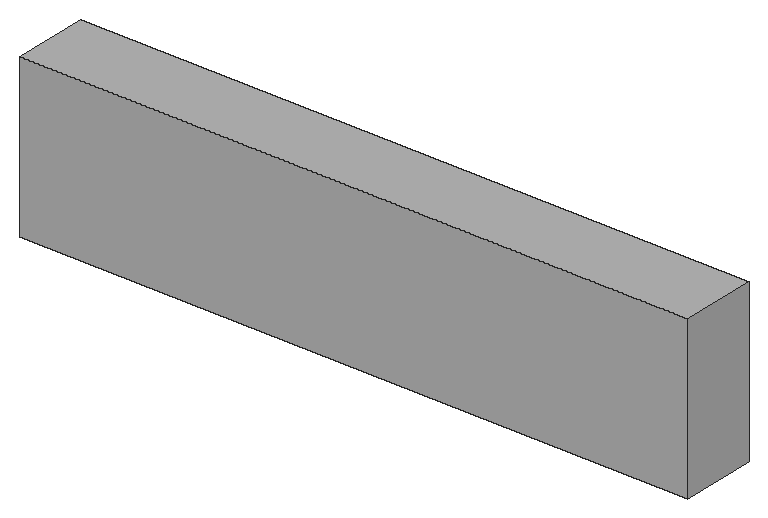
Revit family "100x215x890mm Padstone -PS119", category Generic Models, Revit 2020
Family settings
  Can host rebar = No
  Round Connector Dimension = Use Diameter
  Part Type = Normal
  Work Plane-Based = No
  Always vertical = Yes
  Cut with Voids When Loaded = No
  Shared = No
  Room Calculation Point = No
Parameters
  Weight = "46Kg"
  Warranty Guarantor Parts = "n/a"
  Warranty Guarantor Labour = "n/a"
  Warranty Duration Unit = "n/a"
  Warranty Duration Parts = "n/a"
  Warranty Duration Labour = "n/a"
  Warranty Description = "n/a"
  Unit Width [instance] = 100 mm
  Unit Length [instance] = 890 mm
  Unit Height [instance] = 215 mm
  URL = "www.killeshal.com"
  Types = "Single"
  Type Comments = "Visit our website for a full list of available products."
  Sustainability Performance = "n/a"
  Structural Class = "n/a"
  Span = "Length."
  Slope = "0.00°"
  Size = "100 Wide x 215 High x 890mm Long."
  Shape = "As per drawing"
  Service Life = "0.000000"
  Serial Number = "n/a"
  Resistance to Fire = "n/a"
  Replacement Cost = "n/a"
  Reference = "n/a"
  Notified Body = "n/a"
  Nominal Cover to Main Bar = "n/a"
  Model = "P/119 Padstone."
  Mechanical Resistance = "n/a"
  Manufacturer = "Killeshal Precast Concrete Ltd."
  Load Bearing = yes
  Life Cycle Environmental Load = "n/a"
  Length Options = "Stock sizes available. Custom sizes made to order."
  Keynote = "The information contained is the sole property of KPC Ltd., any reproduction in part or whole without permission of KPC Ltd. is prohibited."
  Environmental Product Declaration = "n/a"
  Environmental Class = "n/a"
  Durability against Corrosion = "n/a"
  Dimension Accuracy Class = "n/a"
  Detailing = "As per design specification and product drawings."
  Description = "Padstone 100 x 215 x 890mm."
  Default Elevation = 0 mm
  Dangerous Substances = "n/a"
  Contact Tel = "0035357 9353018"
  Contact Email = "sales@killeshal.com"
  Construction Type = "Precast"
  Construction Tolerance Class = "n/a"
  Compressive Strength of Concrete = "40N/mm²"
  Characteristics of Reinforcing Steel = "n/a"
  Characteristics Deflection Under Load = "n/a"
Reference planes
  plane 1 "Center (Front/Back)": y = 0
  plane 2: z = 0
  plane 3 "Center (Left/Right)": x = 0
  plane 4 "Rear": y = 50
  plane 5 "Front": y = -50
  plane 6 "Top": z = 215
Forms (mm)
  Extrusion 1, solid, material "Precast Concrete (KPC)"
    sketch origin (0, 0, 0) x (0, 1, 0) y (0, 0, 1)
      loop
        line (50, 0) -> (50, 215) -> (-50, 215) -> (-50, 0) -> (50, 0)
    from 0 to 890
Dimensions and locks
  "Unit Length": Extrusion 1 to Extrusion 1
  "Unit Width": Extrusion 1 to Extrusion 1
  "Unit Height": Extrusion 1 to Extrusion 1
  aligned and locked: level to plane 2
Automatic sketch dimensions
  Extrusion 1 sketch curve to level = 0 mm
  Extrusion 1 sketch curve to plane 5 "Front" = 0 mm
  Extrusion 1 sketch curve to plane 4 "Rear" = 0 mm
  Extrusion 1 sketch curve to plane 6 "Top" = 0 mm
